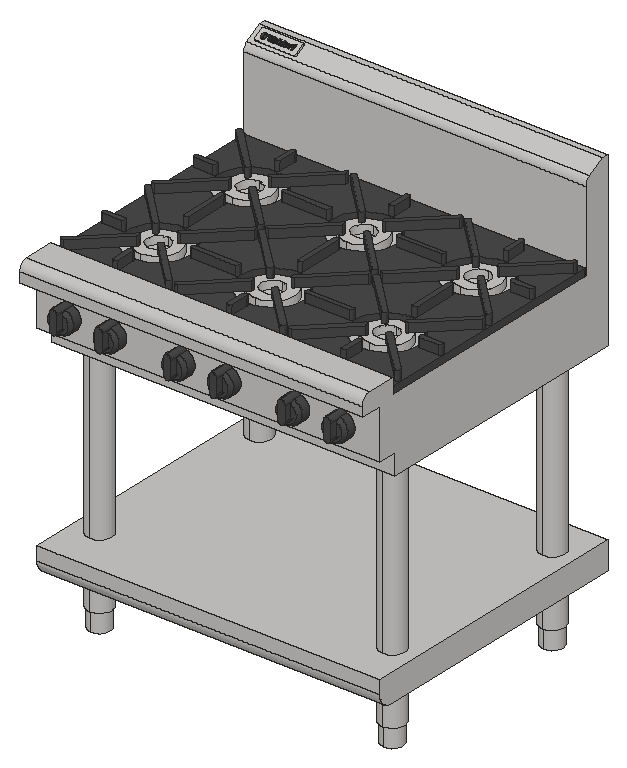
Revit family "QF_MOFFAT WALDORF_RN8600G-LS", category Specialty Equipment, Revit 2012 (continued)
Automatic sketch dimensions
  curve 111 to curve 115 = 16.938 mm
  plane 7 "Center Y" to curve 61 = 27.791 mm
  plane 7 "Center Y" to curve 67 = 27.791 mm
  plane 7 "Center Y" to curve 64 = 29.708 mm
  plane 7 "Center Y" to curve 57 = 29.708 mm
  curve 116 to curve 117 = 18.062 mm
  curve 115 to curve 120 = 16.938 mm
  curve 120 to curve 122 = 18.062 mm
  curve 119 to curve 124 = 13.706 mm
  curve 64 to curve 68 = 62.23 mm
  curve 57 to curve 62 = 62.23 mm
  curve 123 to curve 126 = 18.062 mm
  curve 123 to curve 127 = 15.49 mm
  curve 127 to curve 130 = 18.062 mm
  curve 127 to curve 57 = 6.993 mm
  plane 7 "Center Y" to curve 64 = 142.845 mm
  plane 8 "Center X" to curve 67 = 9.451 mm
  plane 7 "Center Y" to curve 67 = 144.464 mm
  plane 8 "Center X" to curve 61 = 20.549 mm
  curve 61 to curve 67 = 0.0 mm
  curve 127 to curve 132 = 13.706 mm
  curve 64 to curve 49 = 7.155 mm
  plane 8 "Center X" to curve 80 = 9.451 mm
  curve 67 to curve 80 = 11.072 mm
  plane 8 "Center X" to curve 74 = 20.549 mm
  curve 61 to curve 74 = 11.072 mm
  curve 57 to curve 70 = 14.31 mm
  curve 64 to curve 77 = 14.31 mm
  curve 131 to curve 134 = 18.062 mm
  curve 133 to curve 137 = 15.169 mm
  curve 135 to curve 135 = 18.062 mm
  curve 62 to curve 62 = 116.17 mm
  curve 68 to curve 68 = 116.17 mm
  curve 135 to curve 140 = 13.706 mm
  curve 139 to curve 139 = 18.062 mm
  curve 68 to curve 77 = 62.184 mm
  curve 62 to curve 70 = 62.184 mm
  curve 77 to curve 80 = 1.916 mm
  curve 70 to curve 74 = 1.916 mm
  curve 139 to curve 71 = 67.159 mm
  curve 74 to curve 24 = 27.791 mm
  curve 80 to curve 31 = 27.791 mm
  curve 32 to curve 82 = 0.098 mm
  curve 32 to curve 76 = 0.154 mm
  curve 23 to curve 73 = 27.88 mm
  curve 31 to curve 79 = 27.88 mm
  curve 25 to curve 72 = 29.796 mm
  curve 34 to curve 78 = 29.796 mm
  curve 75 to plane 13 = 1.906 mm
  curve 81 to plane 13 = 1.906 mm
  plane 4 "RIGHT" to curve 79 = 8.983 mm
  plane 4 "RIGHT" to curve 73 = 8.983 mm
  plane 4 "RIGHT" to curve 72 = 7.067 mm
  plane 4 "RIGHT" to curve 78 = 7.067 mm
  plane 4 "RIGHT" to curve 81 = 4.536 mm
  plane 4 "RIGHT" to curve 75 = 4.536 mm
  curve 5 to plane 5 "FRONT" = 100.0 mm
  curve 56 to plane 5 "FRONT" = 121.703 mm
  curve 82 to plane 5 "FRONT" = 121.703 mm
  curve 69 to plane 5 "FRONT" = 121.703 mm
  curve 48 to curve 65 = 24.023 mm
  curve 5 to curve 78 = 24.023 mm
  curve 51 to curve 65 = 0.0 mm
  curve 49 to curve 77 = 25.084 mm
  curve 64 to curve 77 = 0.0 mm
  curve 5 to curve 50 = 25.084 mm
  curve 82 to curve 82 = 58.757 mm
  curve 56 to curve 56 = 58.757 mm
  curve 69 to curve 69 = 58.757 mm
  curve 69 to curve 29 = 2.958 mm
  curve 56 to curve 27 = 2.958 mm
  curve 82 to curve 31 = 2.958 mm
  curve 31 to curve 34 = 27.082 mm
  curve 27 to curve 37 = 27.082 mm
  curve 29 to curve 35 = 27.082 mm
  curve 37 to curve 51 = 26.66 mm
  curve 36 to curve 65 = 26.66 mm
  curve 34 to curve 78 = 26.66 mm
  curve 38 to curve 50 = 27.721 mm
  curve 33 to curve 77 = 27.721 mm
  curve 35 to curve 64 = 27.721 mm
  curve 50 to curve 55 = 28.957 mm
  curve 64 to curve 68 = 28.957 mm
  curve 78 to curve 81 = 30.017 mm
  curve 77 to curve 34 = 29.279 mm
  curve 64 to curve 35 = 29.279 mm
  curve 50 to curve 37 = 29.279 mm
  curve 51 to curve 52 = 31.077 mm
  curve 27 to curve 54 = 27.778 mm
  curve 29 to curve 67 = 27.778 mm
  curve 31 to curve 79 = 27.778 mm
  curve 27 to curve 53 = 27.778 mm
  curve 29 to curve 66 = 27.778 mm
  curve 31 to curve 80 = 27.778 mm
  curve 32 to curve 76 = 4.009 mm
  curve 29 to curve 63 = 4.009 mm
  curve 28 to curve 46 = 4.009 mm
  plane 8 "Center X" to curve 79 = 5.915 mm
  plane 8 "Center X" to curve 54 = 9.451 mm
  curve 54 to curve 47 = 5.549 mm
  curve 47 to curve 44 = 5.549 mm
  curve 47 to curve 73 = 9.085 mm
  plane 8 "Center X" to curve 63 = 78.091 mm
  plane 8 "Center X" to curve 46 = 78.091 mm
  plane 8 "Center X" to curve 76 = 78.091 mm
  curve 63 to curve 19 = 2.826 mm
  curve 46 to curve 15 = 2.826 mm
  curve 76 to curve 23 = 2.826 mm
  curve 15 to curve 17 = 27.082 mm
  curve 19 to curve 21 = 27.082 mm
  curve 23 to curve 25 = 27.082 mm
  curve 17 to curve 43 = 29.222 mm
  curve 22 to curve 61 = 29.222 mm
  curve 18 to curve 44 = 29.222 mm
  curve 25 to curve 74 = 29.222 mm
  curve 21 to curve 60 = 29.222 mm
  curve 26 to curve 73 = 29.222 mm
  curve 60 to curve 42 = 27.04 mm
  curve 61 to curve 20 = 27.778 mm
  curve 74 to curve 25 = 27.778 mm
  curve 43 to curve 16 = 27.778 mm
  curve 44 to curve 45 = 28.101 mm
  curve 73 to curve 75 = 28.101 mm
  curve 74 to curve 62 = 28.101 mm
  curve 70 to curve 25 = 27.721 mm
  curve 57 to curve 21 = 27.721 mm
  curve 39 to curve 17 = 27.721 mm
  curve 41 to curve 18 = 26.66 mm
  curve 59 to curve 22 = 26.66 mm
  curve 72 to curve 25 = 26.66 mm
  curve 20 to curve 58 = 2.576 mm
  curve 23 to curve 71 = 2.576 mm
  curve 16 to curve 40 = 2.576 mm
  plane 1 "BACK" to curve 70 = 95.084 mm
  curve 57 to curve 70 = 0.0 mm
  plane 1 "BACK" to curve 39 = 95.084 mm
  plane 1 "BACK" to curve 41 = 94.023 mm
  curve 41 to curve 59 = 0.0 mm
  plane 1 "BACK" to curve 72 = 94.023 mm
  curve 71 to curve 71 = 60.0 mm
  curve 58 to curve 58 = 60.0 mm
  curve 40 to curve 40 = 60.0 mm
  curve 39 to curve 6 = 25.084 mm
  curve 6 to curve 10 = 17.94 mm
  curve 49 to curve 131 = 19.218 mm
  curve 40 to curve 14 = 40.06 mm
  curve 131 to curve 135 = 0.0 mm
  curve 135 to curve 142 = 0.0 mm
  curve 11 to curve 83 = 0.0 mm
  curve 130 to curve 131 = 0.0 mm
  curve 83 to curve 87 = 0.0 mm
  curve 126 to curve 127 = 0.0 mm
  curve 48 to curve 91 = 19.218 mm
  curve 122 to curve 123 = 0.0 mm
  curve 48 to curve 95 = 19.218 mm
  curve 118 to curve 119 = 0.0 mm
  curve 95 to curve 99 = 0.0 mm
  curve 114 to curve 115 = 0.0 mm
  curve 99 to curve 103 = 0.0 mm
  curve 110 to curve 111 = 0.0 mm
  plane 1 "BACK" to curve 7 = 21.784 mm
  plane 1 "BACK" to curve 109 = 20.984 mm
  plane 1 "BACK" to curve 104 = 20.984 mm
  curve 102 to curve 104 = 0.0 mm
  curve 109 to curve 112 = 0.0 mm
  curve 98 to curve 100 = 0.0 mm
  curve 113 to curve 116 = 0.0 mm
  curve 94 to curve 96 = 0.0 mm
  curve 117 to curve 120 = 0.0 mm
  curve 90 to curve 92 = 0.0 mm
  curve 121 to curve 124 = 0.0 mm
  curve 86 to curve 88 = 0.0 mm
  curve 125 to curve 128 = 0.0 mm
  curve 14 to curve 84 = 0.0 mm
  curve 129 to curve 132 = 0.0 mm
  curve 133 to curve 136 = 0.0 mm
  plane 1 "BACK" to curve 142 = 20.984 mm
  Extrusion 1 sketch curve to plane 5 "FRONT" = 0.0 mm
  plane 10 to Extrusion 1 sketch curve = 0.0 mm
  Extrusion 1 sketch curve to plane 9 "Base Height" = 0.0 mm
  Extrusion 1 sketch curve to plane 6 "TOP" = 0.0 mm
  Extrusion 1 sketch curve to plane 1 "BACK" = 0.0 mm  (x2)
  Extrusion 1 sketch curve to plane 5 "FRONT" = 24.0 mm
  Extrusion 1 sketch curve to plane 5 "FRONT" = 56.0 mm  (x2)
  Extrusion 1 sketch curve to Extrusion 1 sketch curve = 38.0 mm
  Extrusion 1 sketch curve to Extrusion 1 sketch curve = 44.0 mm
  Extrusion 1 sketch curve to Extrusion 1 sketch curve = 50.0 mm
  plane 1 "BACK" to Extrusion 1 sketch curve = 70.0 mm
  Extrusion 1 sketch curve to Extrusion 1 sketch curve = 11.291 mm
  Extrusion 1 sketch curve to Extrusion 1 sketch curve = 22.582 mm
  Extrusion 1 sketch curve to Extrusion 1 sketch curve = 16.5 mm
  plane 9 "Base Height" to Extrusion 1 sketch curve = 72.5 mm
  plane 10 to Extrusion 1 sketch curve = 235.0 mm
  Extrusion 1 sketch curve to Extrusion 1 sketch curve = 55.0 mm  (x2)
  Extrusion 1 sketch curve to Extrusion 1 sketch curve = 25.0 mm
  Extrusion 1 sketch curve to Extrusion 1 sketch curve = 40.0 mm
  Extrusion 1 sketch curve to plane 6 "TOP" = 43.926 mm
  Revolve 2 sketch curve to plane 5 "FRONT" = 56.0 mm
  Revolve 2 sketch curve to Revolve 2 sketch curve = 10.0 mm
  Revolve 2 sketch curve to Revolve 2 sketch curve = 21.3 mm
  Revolve 2 sketch curve to plane 5 "FRONT" = 23.0 mm
  Revolve 2 sketch curve to plane 5 "FRONT" = 12.0 mm
  Revolve 2 sketch curve to Revolve 2 sketch curve = 0.0 mm  (x2)
  plane 10 to Revolve 2 sketch curve = 117.895 mm
  Revolve 2 sketch curve to Revolve 2 sketch curve = 5.0 mm
  Revolve 2 sketch curve to Revolve 2 sketch curve = 26.651 mm
  Revolve 2 sketch curve to Revolve 2 sketch curve = 5.849 mm
  plane 12 to Extrusion 3 sketch curve = 135.0 mm
  Extrusion 3 sketch curve to Extrusion 3 sketch curve = 10.0 mm
  plane 10 to Extrusion 3 sketch curve = 129.997 mm
  Extrusion 3 sketch curve to Extrusion 3 sketch curve = 38.997 mm
  plane 1 "BACK" to Extrusion 4 sketch curve = 32.0 mm
  plane 13 to Extrusion 4 sketch curve = 65.0 mm
  Revolve 5 sketch curve to plane 5 "FRONT" = 12.0 mm
  Revolve 5 sketch curve to Revolve 5 sketch curve = 0.0 mm  (x2)
  Revolve 5 sketch curve to Revolve 5 sketch curve = 11.0 mm
  Revolve 5 sketch curve to Revolve 5 sketch curve = 12.7 mm
  Revolve 5 sketch curve to Revolve 5 sketch curve = 23.0 mm
  Revolve 5 sketch curve to Revolve 5 sketch curve = 10.0 mm
  plane 10 to Revolve 5 sketch curve = 85.627 mm
  Revolve 5 sketch curve to Revolve 5 sketch curve = 5.849 mm
  Revolve 5 sketch curve to Revolve 5 sketch curve = 27.5 mm
  Revolve 5 sketch curve to Revolve 5 sketch curve = 5.0 mm
  plane 12 to Extrusion 6 sketch curve = 35.0 mm
  Extrusion 6 sketch curve to Extrusion 6 sketch curve = 10.0 mm
  plane 10 to Extrusion 6 sketch curve = 91.0 mm
  Extrusion 6 sketch curve to Extrusion 6 sketch curve = 39.0 mm
  Extrusion 1 to Extrusion 7 sketch curve = 1.0 mm  (x2)
  Extrusion 7 sketch curve to Extrusion 7 sketch curve = 3.0 mm  (x2)
  Extrusion 1 to Extrusion 7 sketch curve = 167.5 mm  (x3)
  Extrusion 7 sketch curve to Extrusion 1 = 167.5 mm  (x3)
  Extrusion 7 sketch curve to Extrusion 1 = 4.0 mm  (x2)
  Extrusion 7 sketch curve to Extrusion 1 = 1.0 mm
  Extrusion 1 to Extrusion 7 sketch curve = 150.0 mm  (x4)
  Extrusion 7 sketch curve to Extrusion 7 sketch curve = 300.0 mm
  Extrusion 8 sketch curve to Extrusion 7 = 22.602 mm  (x6)
  Extrusion 8 sketch curve to Extrusion 7 = 25.398 mm  (x6)
  Extrusion 8 sketch curve to Extrusion 8 sketch curve = 4.525 mm  (x48)
  Extrusion 8 sketch curve to Extrusion 8 sketch curve = 49.204 mm  (x5)
  Extrusion 8 sketch curve to Extrusion 8 sketch curve = 55.923 mm  (x22)
  Extrusion 8 sketch curve to Extrusion 8 sketch curve = 0.0 mm  (x18)
  Extrusion 8 sketch curve to Extrusion 8 sketch curve = 20.524 mm  (x17)
  Extrusion 8 sketch curve to Extrusion 7 = 7.898 mm  (x4)
  Extrusion 8 sketch curve to Extrusion 8 sketch curve = 6.4 mm  (x17)
  Extrusion 8 sketch curve to Extrusion 8 sketch curve = 53.847 mm  (x24)
  Extrusion 8 sketch curve to Extrusion 7 = 5.102 mm  (x5)
  Extrusion 8 sketch curve to Extrusion 8 sketch curve = 128.447 mm  (x10)
  Extrusion 8 sketch curve to Extrusion 8 sketch curve = 12.205 mm  (x14)
  Extrusion 8 sketch curve to Extrusion 7 = 14.153 mm  (x3)
  Extrusion 8 sketch curve to Extrusion 8 sketch curve = 116.204 mm  (x7)
  Extrusion 8 sketch curve to Extrusion 7 = 31.653 mm  (x4)
  Extrusion 8 sketch curve to Extrusion 7 = 57.102 mm  (x2)
  Extrusion 1 to Split face 1 sketch curve = 5.177 mm
  Split face 1 sketch curve to Extrusion 1 = 9.153 mm
  Split face 1 sketch curve to Extrusion 1 = 151.5 mm
  Split face 1 sketch curve to Split face 1 sketch curve = 18.062 mm
  Revolve 9 sketch curve to plane 5 "FRONT" = 56.0 mm
  Revolve 9 sketch curve to Revolve 9 sketch curve = 10.0 mm
  Revolve 9 sketch curve to Revolve 9 sketch curve = 21.3 mm
  Revolve 9 sketch curve to plane 5 "FRONT" = 23.0 mm
  Revolve 9 sketch curve to plane 5 "FRONT" = 12.0 mm
  Revolve 9 sketch curve to Revolve 9 sketch curve = 0.0 mm  (x2)
  plane 10 to Revolve 9 sketch curve = 117.895 mm
  Revolve 9 sketch curve to Revolve 9 sketch curve = 5.0 mm
  Revolve 9 sketch curve to Revolve 9 sketch curve = 26.651 mm
  Revolve 9 sketch curve to Revolve 9 sketch curve = 5.849 mm
  plane 7 "Center Y" to Extrusion 10 sketch curve = 50.0 mm
  Extrusion 10 sketch curve to Extrusion 10 sketch curve = 10.0 mm
  plane 10 to Extrusion 10 sketch curve = 129.997 mm
  Extrusion 10 sketch curve to Extrusion 10 sketch curve = 38.997 mm
  Revolve 11 sketch curve to plane 5 "FRONT" = 12.0 mm
  Revolve 11 sketch curve to Revolve 11 sketch curve = 0.0 mm  (x2)
  Revolve 11 sketch curve to Revolve 11 sketch curve = 11.0 mm
  Revolve 11 sketch curve to Revolve 11 sketch curve = 12.7 mm
  Revolve 11 sketch curve to Revolve 11 sketch curve = 23.0 mm
  Revolve 11 sketch curve to Revolve 11 sketch curve = 10.0 mm
  plane 10 to Revolve 11 sketch curve = 85.627 mm
  Revolve 11 sketch curve to Revolve 11 sketch curve = 5.849 mm
  Revolve 11 sketch curve to Revolve 11 sketch curve = 27.5 mm
  Revolve 11 sketch curve to Revolve 11 sketch curve = 5.0 mm
  Extrusion 12 sketch curve to plane 7 "Center Y" = 50.0 mm
  Extrusion 12 sketch curve to Extrusion 12 sketch curve = 10.0 mm
  plane 10 to Extrusion 12 sketch curve = 91.0 mm
  Extrusion 12 sketch curve to Extrusion 12 sketch curve = 39.0 mm
  Revolve 13 sketch curve to Revolve 13 sketch curve = 23.0 mm
  Revolve 13 sketch curve to Revolve 13 sketch curve = 12.7 mm
  Revolve 13 sketch curve to Revolve 13 sketch curve = 0.0 mm  (x2)
  plane 10 to Revolve 13 sketch curve = 117.895 mm
  Revolve 13 sketch curve to Revolve 13 sketch curve = 5.0 mm
  Revolve 13 sketch curve to Revolve 13 sketch curve = 26.651 mm
  Revolve 13 sketch curve to Revolve 13 sketch curve = 5.849 mm
  plane 13 to Extrusion 14 sketch curve = 35.0 mm
  Extrusion 14 sketch curve to Extrusion 14 sketch curve = 10.0 mm
  plane 10 to Extrusion 14 sketch curve = 129.997 mm
  Extrusion 14 sketch curve to Extrusion 14 sketch curve = 38.997 mm
  Revolve 15 sketch curve to plane 5 "FRONT" = 12.0 mm
  Revolve 15 sketch curve to Revolve 15 sketch curve = 0.0 mm  (x2)
  Revolve 15 sketch curve to Revolve 15 sketch curve = 11.0 mm
  Revolve 15 sketch curve to Revolve 15 sketch curve = 12.7 mm
  Revolve 15 sketch curve to Revolve 15 sketch curve = 23.0 mm
  Revolve 15 sketch curve to Revolve 15 sketch curve = 10.0 mm
  plane 10 to Revolve 15 sketch curve = 85.627 mm
  Revolve 15 sketch curve to Revolve 15 sketch curve = 5.849 mm
  Revolve 15 sketch curve to Revolve 15 sketch curve = 27.5 mm
  Revolve 15 sketch curve to Revolve 15 sketch curve = 5.0 mm
  plane 13 to Extrusion 16 sketch curve = 135.0 mm
  Extrusion 16 sketch curve to Extrusion 16 sketch curve = 10.0 mm
  plane 10 to Extrusion 16 sketch curve = 91.0 mm
  Extrusion 16 sketch curve to Extrusion 16 sketch curve = 39.0 mm
  Revolve 17 sketch curve to plane 9 "Base Height" = 0.0 mm
  Revolve 17 sketch curve to level = 0.0 mm
  level to Revolve 17 sketch curve = 50.0 mm
  plane 1 "BACK" to Revolve 17 sketch curve = 131.75 mm
  Revolve 17 sketch curve to Revolve 17 sketch curve = 4.25 mm
  Revolve 17 sketch curve to Revolve 17 sketch curve = 27.5 mm  (x2)
  Revolve 17 sketch curve to Revolve 17 sketch curve = 55.0 mm
  Revolve 17 sketch curve to Revolve 17 sketch curve = 0.0 mm
  Revolve 18 sketch curve to plane 9 "Base Height" = 0.0 mm
  Revolve 18 sketch curve to level = 0.0 mm
  level to Revolve 18 sketch curve = 50.0 mm
  Revolve 18 sketch curve to plane 5 "FRONT" = 148.25 mm
  Revolve 18 sketch curve to Revolve 18 sketch curve = 4.25 mm
  Revolve 18 sketch curve to Revolve 18 sketch curve = 27.5 mm  (x2)
  Revolve 18 sketch curve to Revolve 18 sketch curve = 55.0 mm
  Revolve 18 sketch curve to Revolve 18 sketch curve = 0.0 mm
  Revolve 19 sketch curve to plane 9 "Base Height" = 0.0 mm
  Revolve 19 sketch curve to level = 0.0 mm
  level to Revolve 19 sketch curve = 50.0 mm
  plane 1 "BACK" to Revolve 19 sketch curve = 131.75 mm
  Revolve 19 sketch curve to Revolve 19 sketch curve = 4.25 mm
  Revolve 19 sketch curve to Revolve 19 sketch curve = 27.5 mm  (x2)
  Revolve 19 sketch curve to Revolve 19 sketch curve = 0.0 mm
  Revolve 19 sketch curve to Revolve 19 sketch curve = 55.0 mm
  Revolve 20 sketch curve to plane 9 "Base Height" = 0.0 mm
  Revolve 20 sketch curve to level = 0.0 mm
  level to Revolve 20 sketch curve = 50.0 mm
  Revolve 20 sketch curve to plane 5 "FRONT" = 148.25 mm
  Revolve 20 sketch curve to Revolve 20 sketch curve = 4.25 mm
  Revolve 20 sketch curve to Revolve 20 sketch curve = 27.5 mm  (x2)
  Revolve 20 sketch curve to Revolve 20 sketch curve = 0.0 mm
  Revolve 20 sketch curve to Revolve 20 sketch curve = 55.0 mm
  Extrusion 21 sketch curve to Extrusion 21 sketch curve = 0.0 mm  (x8)
  Extrusion 21 sketch curve to plane 12 = 0.0 mm  (x2)
  Extrusion 21 sketch curve to plane 13 = 0.0 mm  (x2)
  plane 1 "BACK" to Extrusion 21 sketch curve = 68.25 mm  (x2)
  Extrusion 21 sketch curve to Extrusion 21 sketch curve = 31.75 mm  (x4)
  Extrusion 21 sketch curve to plane 8 "Center X" = 190.75 mm  (x2)
  Extrusion 1 to Split face 2 sketch curve = 5.177 mm
  Split face 2 sketch curve to Extrusion 1 = 9.153 mm
  Split face 2 sketch curve to Extrusion 1 = 187.469 mm
  Split face 2 sketch curve to Split face 2 sketch curve = 18.062 mm
  Extrusion 1 to Split face 3 sketch curve = 5.177 mm
  Split face 3 sketch curve to Extrusion 1 = 9.153 mm
  Split face 3 sketch curve to Extrusion 1 = 222.469 mm
  Split face 3 sketch curve to Split face 3 sketch curve = 18.062 mm
  Extrusion 1 to Split face 4 sketch curve = 5.177 mm
  Split face 4 sketch curve to Extrusion 1 = 9.153 mm
  Split face 4 sketch curve to Extrusion 1 = 257.469 mm
  Split face 4 sketch curve to Split face 4 sketch curve = 18.062 mm
  Extrusion 1 to Split face 5 sketch curve = 5.177 mm
  Split face 5 sketch curve to Extrusion 1 = 9.153 mm
  Split face 5 sketch curve to Extrusion 1 = 292.469 mm
  Split face 5 sketch curve to Split face 5 sketch curve = 18.062 mm
  Extrusion 1 to Split face 6 sketch curve = 5.177 mm
  Split face 6 sketch curve to Extrusion 1 = 9.153 mm
  Split face 6 sketch curve to Extrusion 1 = 327.469 mm
  Split face 6 sketch curve to Split face 6 sketch curve = 18.062 mm
  Extrusion 1 to Split face 7 sketch curve = 5.177 mm
  Split face 7 sketch curve to Extrusion 1 = 9.153 mm
  Split face 7 sketch curve to Extrusion 1 = 362.469 mm
  Split face 7 sketch curve to Split face 7 sketch curve = 18.062 mm
  Extrusion 1 to Split face 8 sketch curve = 5.177 mm
  Split face 8 sketch curve to Extrusion 1 = 9.153 mm
  Split face 8 sketch curve to Extrusion 1 = 397.469 mm
  Split face 8 sketch curve to Split face 8 sketch curve = 18.062 mm
  Extrusion 1 to Split face 9 sketch curve = 5.177 mm
  Split face 9 sketch curve to Extrusion 1 = 9.153 mm
  Split face 9 sketch curve to Extrusion 1 = 432.469 mm
  Split face 9 sketch curve to Split face 9 sketch curve = 18.062 mm
  Extrusion 1 to Split face 10 sketch curve = 5.177 mm
  Split face 10 sketch curve to Extrusion 1 = 9.153 mm
  Split face 10 sketch curve to Extrusion 1 = 432.531 mm
  Split face 10 sketch curve to Split face 10 sketch curve = 18.062 mm
  Extrusion 1 to Split face 11 sketch curve = 5.177 mm
  Split face 11 sketch curve to Extrusion 1 = 9.153 mm
  Split face 11 sketch curve to Extrusion 1 = 397.531 mm
  Split face 11 sketch curve to Split face 11 sketch curve = 18.062 mm
  Extrusion 1 to Split face 12 sketch curve = 5.177 mm
  Split face 12 sketch curve to Extrusion 1 = 9.153 mm
  Split face 12 sketch curve to Extrusion 1 = 365.763 mm
  Split face 12 sketch curve to Split face 12 sketch curve = 18.062 mm
  Extrusion 1 to Split face 13 sketch curve = 5.177 mm
  Split face 13 sketch curve to Extrusion 1 = 9.153 mm
  Split face 13 sketch curve to Extrusion 1 = 332.211 mm
  Split face 13 sketch curve to Split face 13 sketch curve = 18.062 mm
  Extrusion 1 to Split face 14 sketch curve = 5.177 mm
  Split face 14 sketch curve to Extrusion 1 = 9.153 mm
  Split face 14 sketch curve to Extrusion 1 = 300.443 mm
  Split face 14 sketch curve to Split face 14 sketch curve = 18.062 mm
  Extrusion 1 to Split face 15 sketch curve = 5.177 mm
  Split face 15 sketch curve to Extrusion 1 = 9.153 mm
  Split face 15 sketch curve to Extrusion 1 = 267.211 mm
  Split face 15 sketch curve to Split face 15 sketch curve = 18.062 mm
  Extrusion 1 to Split face 16 sketch curve = 5.177 mm
  Split face 16 sketch curve to Extrusion 1 = 9.153 mm
  Split face 16 sketch curve to Extrusion 1 = 235.443 mm
  Split face 16 sketch curve to Split face 16 sketch curve = 18.062 mm
  Extrusion 7 sketch curve to Extrusion 7 sketch curve = 0.0 mm
  Extrusion 22 sketch curve to Extrusion 22 sketch curve = 0.0 mm  (x73)
  Extrusion 1 to Extrusion 22 sketch curve = 110.5 mm  (x3)
  Extrusion 22 sketch curve to Extrusion 22 sketch curve = 27.0 mm  (x6)
  Extrusion 22 sketch curve to Extrusion 22 sketch curve = 30.0 mm  (x6)
  Extrusion 22 sketch curve to Extrusion 22 sketch curve = 186.0 mm  (x3)
  Extrusion 1 to Extrusion 22 sketch curve = 150.0 mm  (x4)
  Extrusion 22 sketch curve to Extrusion 22 sketch curve = 300.0 mm
  curve 15 to curve 143 = 0.0 mm  (x2)
  curve 17 to curve 144 = 27.0 mm
  curve 19 to curve 145 = 0.0 mm  (x2)
  curve 21 to curve 146 = 27.0 mm
  curve 23 to curve 147 = 0.0 mm  (x2)
  curve 25 to curve 147 = 27.0 mm
  curve 31 to curve 149 = 0.0 mm  (x2)
  curve 33 to curve 150 = 27.0 mm
  curve 29 to curve 151 = 0.0 mm  (x2)
  curve 35 to curve 151 = 27.0 mm
  curve 27 to curve 153 = 0.0 mm  (x2)
  curve 37 to curve 154 = 27.0 mm
  radius of Extrusion 4 sketch curve = 13.5 mm
  radius of Extrusion 7 sketch curve = 84.082 mm  (x6)
Nested families
  nested 1: "RN8600G-LS-CASTERS" at (65, -100, 0), Show Casters <- "Show Casters", visible <- "Show Casters", type "RN8600G-LS-CASTERS"
    with Type Mark "", Status "", Specification by User "", Show Casters no, Revision Code "", Item Number "", Installed By "", Identify Quantity as Lot yes, Furnished By "", Foodservice Equipment Identifier yes
  nested 2: "RN8600G-LS-CASTERS" at (835, -100, 0), Show Casters <- "Show Casters", visible <- "Show Casters", type "RN8600G-LS-CASTERS"
    with Type Mark "", Status "", Specification by User "", Show Casters no, Revision Code "", Item Number "", Installed By "", Identify Quantity as Lot yes, Furnished By "", Foodservice Equipment Identifier yes
  nested 3: "WALDORF LOGO_FACE BASE" at (12.5, -22.54, 1126.513) x (1, 0, 0) z (0, -0.5, 0.866), visible <- "Show Logo", type "WALDORF LOGO_FACE BASE", detail levels medium+fine
    with Show Logo yes
Connectors
  piping at (770, -32, 655)
    settings: on Extrusion 4, index 3, connector radius 0.37402", flow factor 0, pipe flow 0 GPM, pressure drop 0.00 psi, fitting loss kfactor 0, connector angle 0.00°, fixture units 0, engagement length 0.0 mm, flow configuration 1, flow direction 1, fitting loss method 0, system type 7, joint type 0, gender type 0, connector reference index -1, connector utility 0, adjustable connector no, is connector primary yes, fitting loss table "", connector description "GAS CONNECTION"
Definition of nested family "WALDORF LOGO_FACE BASE"
  Parameters (values of type "WALDORF LOGO_FACE BASE")
    Show Logo [instance] = yes
    Default Elevation = 1219.2 mm
  Reference planes
    plane 1 "Center (Front/Back)": y = 0
    plane 2: z = 0
    plane 3 "Center (Left/Right)": x = 0
  Forms (mm)
    Extrusion 1, solid
      sketch origin (0, 0, 0) x (1, 0, 0) y (0, 1, 0)
        loop
          line (-1219.2, 1219.2) -> (-1219.2, -1219.2) -> (1219.2, -1219.2) -> (1219.2, 1219.2) -> (-1219.2, 1219.2)
      from 0 to -304.8
    Extrusion 2, solid, material "QF_Finishes_Stainless Steel", visible <- "Show Logo"
      sketch origin (0, -33.217, 0) x (1, 0, 0) y (0, 1, 0)
        loop
          arc (5, 34.14) -> (1.464, 32.676) -> (0, 29.14) r 5
          line (0, 29.14) -> (0, 5)
          arc (0, 5) -> (1.464, 1.464) -> (5, 0) r 5
          line (5, 0) -> (104, 0)
          arc (104, 0) -> (107.536, 1.464) -> (109, 5) r 5
          line (109, 5) -> (109, 29.14)
          arc (109, 29.14) -> (107.536, 32.676) -> (104, 34.14) r 5
          line (104, 34.14) -> (5, 34.14)
      from 0 to 1.588
    Extrusion 3, solid, material "QF_Finishes_Black", visible <- "Show Logo"
      sketch origin (0, -33.217, 1.588) x (1, 0, 0) y (0, 1, 0)
        loop
          line (24.772, 23.214) -> (27.992, 10.301) -> (31.551, 10.301) -> (33.443, 17.364) -> (35.205, 10.301) -> (39.332, 10.301) -> (42.077, 23.214) -> (38.352, 23.214) -> (36.676, 15.33) -> (35, 23.214) -> (31.752, 23.214) -> (30.076, 15.33) -> (28.4, 23.214) -> (24.772, 23.214)
        loop
          line (42.272, 17.055) -> (45.703, 17.055)
          spline (45.703, 17.055) -> (45.741, 17.285) -> (45.852, 17.499) -> (46.028, 17.682) -> (46.258, 17.823) -> (46.526, 17.912) -> (46.813, 17.942) -> (47.1, 17.912) -> (47.368, 17.823) -> (47.597, 17.682) -> (47.774, 17.499) -> (47.884, 17.285) -> (47.922, 17.055)
          line (47.922, 17.055) -> (47.922, 16.222)
          arc (47.922, 16.222) -> (45.742, 16.014) -> (43.665, 15.317) r 9.604
          arc (43.665, 15.317) -> (41.924, 12.809) -> (43.665, 10.301) r 2.677
          arc (43.665, 10.301) -> (45.527, 10.353) -> (47.332, 10.816) r 8.365
          line (47.332, 10.816) -> (48.092, 11.105) -> (48.092, 10.301) -> (51.817, 10.301) -> (51.817, 17.055)
          spline (51.817, 17.055) -> (51.654, 17.821) -> (51.178, 18.535) -> (50.419, 19.148) -> (49.431, 19.619) -> (48.28, 19.914) -> (47.044, 20.015) -> (45.809, 19.914) -> (44.658, 19.619) -> (43.67, 19.148) -> (42.911, 18.535) -> (42.434, 17.821) -> (42.272, 17.055)
        loop
          line (53.151, 23.214) -> (53.151, 10.301) -> (57.37, 10.301) -> (57.37, 23.214) -> (53.151, 23.214)
        loop
          line (64.874, 23.214) -> (64.874, 18.857)
          arc (64.874, 18.857) -> (58.083, 15.11) -> (64.874, 11.363) r 4.429
          line (64.874, 11.363) -> (64.874, 10.301) -> (68.378, 10.301) -> (68.378, 23.214) -> (64.874, 23.214)
        loop
          arc (64.874, 16.083) -> (61.41, 14.987) -> (64.874, 13.891) r 1.905
          line (64.874, 13.891) -> (64.874, 16.083)
        loop
          circle (74.623, 15.223) r 5
        loop
          spline (74.623, 17.856) -> (74.355, 17.766) -> (74.105, 17.503) -> (73.891, 17.084) -> (73.726, 16.539) -> (73.623, 15.904) -> (73.588, 15.223) -> (73.623, 14.541) -> (73.726, 13.906) -> (73.891, 13.361) -> (74.105, 12.942) -> (74.355, 12.679) -> (74.623, 12.59)
          spline (74.623, 12.59) -> (74.891, 12.679) -> (75.141, 12.942) -> (75.355, 13.361) -> (75.52, 13.906) -> (75.623, 14.541) -> (75.659, 15.223) -> (75.623, 15.904) -> (75.52, 16.539) -> (75.355, 17.084) -> (75.141, 17.503) -> (74.891, 17.766) -> (74.623, 17.856)
        loop
          line (81.255, 19.813) -> (81.255, 10.301) -> (84.834, 10.301) -> (84.834, 14.176)
          arc (84.834, 14.176) -> (85.854, 16.093) -> (88.013, 16.32) r 2.313
          line (88.013, 16.32) -> (88.013, 19.813) -> (87.161, 19.813)
          arc (87.161, 19.813) -> (85.526, 19.266) -> (84.549, 17.844) r 2.717
          line (84.549, 17.844) -> (84.549, 19.813) -> (81.255, 19.813)
        loop
          line (90.249, 19.813) -> (88.91, 19.813) -> (88.91, 17.614) -> (90.249, 17.614) -> (90.249, 10.301) -> (93.998, 10.301) -> (93.998, 17.614) -> (95.418, 17.614) -> (95.418, 19.813) -> (93.998, 19.813)
          arc (93.998, 19.813) -> (94.414, 20.817) -> (95.418, 21.233) r 1.42
          line (95.418, 21.233) -> (95.418, 23.602) -> (93.317, 23.602)
          arc (93.317, 23.602) -> (91.343, 22.903) -> (90.249, 21.118) r 3.137
          line (90.249, 21.118) -> (90.249, 19.813)
        loop
          arc (15.241, 23.571) -> (8.392, 16.525) -> (15.241, 9.479) r 7.049
          line (15.241, 9.479) -> (15.241, 23.571)
        loop
          line (15.641, 23.571) -> (15.641, 9.479)
          arc (15.641, 9.479) -> (22.49, 16.525) -> (15.641, 23.571) r 7.049
        loop
          arc (47.922, 14.711) -> (46.266, 13.749) -> (47.922, 12.787) r 1.107
          line (47.922, 12.787) -> (47.922, 14.711)
      from 0 to 0.2
  Dimensions and locks
    aligned and locked: plane 2 to Extrusion 1
    aligned and locked: level to Extrusion 1
Definition of nested family "RN8600G-LS-CASTERS"
  Parameters (values of type "BTL8450-CB-CASTERS")
    Weight = ""
    URL Manufacturer = ""
    URL Cutsheet = ""
    URL = ""
    Type Mark [instance] = ""
    Status [instance] = ""
    Specification by User [instance] = ""
    Specification by Manufacturer = ""
    Show Casters [instance] = no
    Serial Number = ""
    Seismic Rating = ""
    SMACNA No = ""
    Revision Code [instance] = ""
    Omniclass Number and Title = ""
    NAFEM Spec ID Number = ""
    Model = ""
    MasterSpec. = ""
    Manufacturer = ""
    Item Number [instance] = ""
    Installed By [instance] = ""
    Identify Quantity as Lot [instance] = yes
    Furnished By [instance] = ""
    Foodservice Equipment Identifier [instance] = yes
    Description = ""
    CSI MasterFormat = ""
    CSI Master Format = ""
    Assembly Code = ""
  Reference planes
    plane 1: z = 0
    plane 2 "RIGHT": x = 0
    plane 3 "FRONT": y = 0
    plane 4 "TOP": z = 177.8
  Forms (mm)
    Revolve 1, solid, material "QF_Finishes_Stainless Steel", visible <- "Show Casters"
      sketch origin (0, 56.335, 0) x (0, 1, 0) y (0, 0, 1)
        loop
          line (-56.335, 152.4) -> (-56.335, 141.118) -> (-23.798, 141.118) -> (-23.798, 152.4) -> (-56.335, 152.4)
        axis (-56.335, 141.118) -> (-56.335, 152.4)
      angle from 0 to 360
    Extrusion 2, solid, material "QF_Finishes_Stainless Steel", visible <- "Show Casters"
      sketch origin (-46.049, 56.335, 0) x (0, 1, 0) y (0, 0, 1)
        loop
          line (-85.799, 141.118) -> (-85.799, 133.498) -> (-82.136, 133.498)
          arc (-82.136, 133.498) -> (-79.344, 132.328) -> (-77.146, 130.248) r 8.432
          line (-77.146, 130.248) -> (-39.502, 49.52)
          arc (-39.502, 49.52) -> (-13.784, 46.107) -> (-5.673, 70.75) r 20.32
          arc (-5.673, 70.75) -> (-7.065, 73.611) -> (-8.887, 76.22) r 20.32
          arc (-8.887, 76.22) -> (-9.399, 85.377) -> (-6.626, 94.119) r 25.4
          line (-6.626, 94.119) -> (8.003, 121.632)
          arc (8.003, 121.632) -> (-2.347, 126.31) -> (-13.34, 129.167) r 66.802
          line (-13.34, 129.167) -> (-13.765, 133.498) -> (-26.871, 133.498) -> (-26.871, 141.118) -> (-85.799, 141.118)
      from 20.058 to 22.923
    Extrusion 3, solid, material "QF_Finishes_Stainless Steel", visible <- "Show Casters"
      sketch origin (3.326, 56.335, 0) x (0, 1, 0) y (0, 0, 1)
        loop
          line (-85.799, 141.118) -> (-85.799, 133.498) -> (-82.136, 133.498)
          arc (-82.136, 133.498) -> (-79.344, 132.328) -> (-77.146, 130.248) r 8.432
          line (-77.146, 130.248) -> (-39.502, 49.52)
          arc (-39.502, 49.52) -> (-13.784, 46.107) -> (-5.673, 70.75) r 20.32
          arc (-5.673, 70.75) -> (-7.065, 73.611) -> (-8.887, 76.22) r 20.32
          arc (-8.887, 76.22) -> (-9.399, 85.377) -> (-6.626, 94.119) r 25.4
          line (-6.626, 94.119) -> (8.003, 121.632)
          arc (8.003, 121.632) -> (-2.347, 126.31) -> (-13.34, 129.167) r 66.802
          line (-13.34, 129.167) -> (-13.765, 133.498) -> (-26.871, 133.498) -> (-26.871, 141.118) -> (-85.799, 141.118)
      from 20.058 to 22.923
    Extrusion 4, solid, material "QF_Finishes_Stainless Steel", visible <- "Show Casters"
      sketch origin (-49.224, 56.335, 0) x (0, 1, 0) y (0, 0, 1)
        loop
          line (-85.799, 141.118) -> (-85.799, 133.498) -> (-82.136, 133.498) -> (-18.877, 127.964) -> (7.14, 120.01) -> (8.003, 121.632)
          arc (8.003, 121.632) -> (-2.347, 126.31) -> (-13.34, 129.167) r 66.802
          line (-13.34, 129.167) -> (-13.765, 133.498) -> (-26.871, 133.498) -> (-26.871, 141.118) -> (-85.799, 141.118)
      from 26.098 to 72.56
    Revolve 5, solid, material "QF_Finishes_Stainless Steel", visible <- "Show Casters"
      sketch origin (-49.224, 30.821, 0) x (1, 0, 0) y (0, 0, 1)
        loop
          line (14.841, 63.604) -> (83.584, 63.604) -> (83.584, 67.109) -> (82.314, 68.379) -> (80.79, 68.379) -> (80.79, 71.826) -> (68.644, 71.826) -> (68.644, 81.79) -> (65.088, 83.843) -> (61.683, 104.879) -> (65.881, 104.879) -> (65.881, 111.229) -> (65.088, 111.229) -> (65.088, 117.579)
          arc (65.088, 117.579) -> (62.298, 124.314) -> (55.563, 127.104) r 9.525
          line (55.563, 127.104) -> (42.863, 127.104)
          arc (42.863, 127.104) -> (36.127, 124.314) -> (33.338, 117.579) r 9.525
          line (33.338, 117.579) -> (33.338, 111.229) -> (32.544, 111.229) -> (32.544, 104.879) -> (36.742, 104.879) -> (33.352, 83.932) -> (29.782, 81.871) -> (29.782, 71.826) -> (17.635, 71.826) -> (17.635, 68.379) -> (16.111, 68.379) -> (14.841, 67.109) -> (14.841, 63.604)
        axis (14.841, 63.604) -> (83.584, 63.604)
      angle from 0 to 360
  Cuts and joins
    joined: Extrusion 2, Extrusion 3, Extrusion 4
  Lines and regions (mm)
    symbolic lines, style "SpecialityEquipmentHiddenLines", visible <- "Show Casters"
      curve 1: line (18.009, 67.053, 0) -> (45.595, 51.127, 0)
      curve 2: line (-45.491, -42.932, 0) -> (18.009, 67.053, 0)
      curve 3: line (-17.905, -58.859, 0) -> (-45.491, -42.932, 0)
      curve 4: line (45.595, 51.127, 0) -> (-17.905, -58.859, 0)
  Dimensions and locks
    plane 4 "TOP" to level = 177.8 mm  (x2)
    Revolve 5 sketch curve to Revolve 5 sketch curve = 63.5 mm
    aligned and locked: level to plane 1
